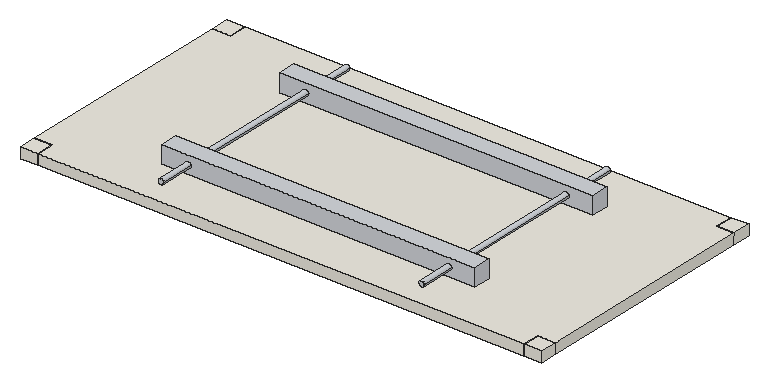
Revit family "LED-PL-CSVT", category Осветительные приборы, Revit 2019 (continued)
Types (9, lengths in mm): name | built-in parameter 1150134 | Файл фотометрической сетки | built-in parameter 1150105 | Lumens | built-in parameter 1150106 | built-in parameter 1150142 | Wattage | built-in parameter 1150107 | Emit from Rectangle Width | Emit from Rectangle Length | Длина | Ширина | L1 | L | ADSK_Ток | ADSK_Полная мощность | ADSK_Обозначение | ADSK_Номинальная мощность | ADSK_Наименование | ADSK_Масса | ADSK_Код изделия
  LED PL-CSVT-36 588х588 х10 (KROKUS) (IP54/IP20, 4000К, белый, грильято) | 12 | "Светильник LED-PL-CSVT-36-(595х595).IES" | 302.39 (stored number, unit not read) | 3800 lm | 3.0239 (stored number, unit not read) | "IESNA:LM-63-95\r\n[TEST] Протокол № 50-12 \r\n[DATA] 20.06.2016\r\n[MORE] \r\n[MANUFAC] ЗАО \"Центрстройсвет\"\r\n[LUMCAT]  Светильник ALUMOGIPS-38/OPAL-SAND-(610x610)\r\n[LUMINAIRE]\r\n[LAMPCAT] Светодиоды\r\n[LAMP] Поток источника света (светодиодов) не известен\r\n[MORE] КСС приведена в абсолютных величинах кд\r\n[MORE] Вместо потока лампы, указан поток светильника.\r\nTILT=NONE\r\n1    3750 1.0 37 73 1 2 0.61 0.61 0.04\r\n1.0 1.0 38.7\r\n0.0 5.0 10.0 15.0 20.0 25.0 30.0 35.0 40.0 45.0 50.0 55.0 60.0 65.0 70.0 75.0 80.0 85.0 90.0 95.0 100.0 105.0 110.0 115.0 120.0 125.0 130.0 135.0 140.0 145.0 150.0 155.0 160.0 165.0 170.0 175.0 180.0\r\n0.0 5.0 10.0 15.0 20.0 25.0 30.0 35.0 40.0 45.0 50.0 55.0 60.0 65.0 70.0 75.0 80.0 85.0 90.0 95.0 100.0 105.0 110.0 115.0 120.0 125.0 130.0 135.0 140.0 145.0 150.0 155.0 160.0 165.0 170.0 175.0 180.0 185.0 190.0 195.0 200.0 205.0 210.0 215.0 220.0 225.0 230.0 235.0 240.0 245.0 250.0 255.0 260.0 265.0 270.0 275.0 280.0 285.0 290.0 295.0 300.0 305.0 310.0 315.0 320.0 325.0 330.0 335.0 340.0 345.0 350.0 355.0 360.0\r\n1391.4 1390.6 1365.7 1330.6 1277.5 1214.9 1147.5 1059.6 967.6 873.2 772.4 664.9 556.3 449.1 342.7 240.6 147.1 64.2 4.7 0.0 0.0 0.0 0.0 0.0 0.0 0.0 0.0 0.0 0.0 0.0 0.0 0.0 0.0 0.0 0.0 0.0 0.0\r\n1391.4 1390.5 1367.8 1332.7 1284.3 1221.3 1147.0 1062.1 969.2 872.4 773.2 666.3 557.1 450.1 343.8 241.9 146.9 64.7 5.2 0.0 0.0 0.0 0.0 0.0 0.0 0.0 0.0 0.0 0.0 0.0 0.0 0.0 0.0 0.0 0.0 0.0 0.0\r\n1391.4 1390.2 1372.0 1333.3 1277.3 1216.8 1144.5 1057.4 969.6 875.1 773.8 669.5 560.0 454.6 345.8 242.4 148.5 65.8 5.4 0.0 0.0 0.0 0.0 0.0 0.0 0.0 0.0 0.0 0.0 0.0 0.0 0.0 0.0 0.0 0.0 0.0 0.0\r\n1391.4 1389.8 1371.2 1330.7 1279.5 1220.5 1148.3 1059.9 967.7 873.2 767.5 666.8 561.4 453.0 347.1 243.7 149.9 65.6 5.8 0.0 0.0 0.0 0.0 0.0 0.0 0.0 0.0 0.0 0.0 0.0 0.0 0.0 0.0 0.0 0.0 0.0 0.0\r\n1391.4 1389.8 1368.3 1329.3 1285.0 1214.6 1141.1 1058.7 971.8 871.3 775.2 666.9 559.4 452.6 345.8 242.5 150.0 65.8 6.1 0.0 0.0 0.0 0.0 0.0 0.0 0.0 0.0 0.0 0.0 0.0 0.0 0.0 0.0 0.0 0.0 0.0 0.0\r\n1391.4 1390.5 1367.3 1332.3 1281.7 1219.0 1142.8 1064.6 970.5 874.4 772.1 667.5 560.2 453.0 346.2 241.8 149.4 65.7 5.6 0.0 0.0 0.0 0.0 0.0 0.0 0.0 0.0 0.0 0.0 0.0 0.0 0.0 0.0 0.0 0.0 0.0 0.0\r\n1391.4 1391.4 1368.1 1333.5 1277.3 1215.7 1139.0 1059.6 968.1 872.4 771.6 667.4 558.8 453.3 344.3 243.9 148.4 65.7 5.4 0.0 0.0 0.0 0.0 0.0 0.0 0.0 0.0 0.0 0.0 0.0 0.0 0.0 0.0 0.0 0.0 0.0 0.0\r\n1391.4 1391.7 1368.1 1330.4 1278.2 1213.9 1142.4 1061.6 967.4 875.1 772.0 669.3 561.1 452.5 345.2 242.1 148.3 65.4 5.5 0.0 0.0 0.0 0.0 0.0 0.0 0.0 0.0 0.0 0.0 0.0 0.0 0.0 0.0 0.0 0.0 0.0 0.0\r\n1391.4 1391.5 1371.0 1328.4 1278.5 1216.7 1142.1 1061.2 971.8 874.7 772.1 668.9 560.8 452.9 345.4 243.3 147.7 66.0 5.4 0.0 0.0 0.0 0.0 0.0 0.0 0.0 0.0 0.0 0.0 0.0 0.0 0.0 0.0 0.0 0.0 0.0 0.0\r\n1391.4 1391.5 1373.2 1330.5 1277.3 1215.5 1143.2 1063.6 967.0 872.7 772.2 669.4 558.9 453.2 346.6 241.9 148.1 65.2 5.5 0.0 0.0 0.0 0.0 0.0 0.0 0.0 0.0 0.0 0.0 0.0 0.0 0.0 0.0 0.0 0.0 0.0 0.0\r\n1391.4 1391.4 1369.7 1328.3 1281.3 1216.0 1139.8 1057.9 968.7 875.3 773.9 667.6 561.8 454.0 344.0 243.1 147.2 65.6 5.5 0.0 0.0 0.0 0.0 0.0 0.0 0.0 0.0 0.0 0.0 0.0 0.0 0.0 0.0 0.0 0.0 0.0 0.0\r\n1391.4 1390.5 1367.9 1330.1 1278.1 1218.1 1138.9 1061.0 970.0 871.8 770.4 669.3 560.2 453.4 346.9 242.1 148.3 65.2 5.2 0.0 0.0 0.0 0.0 0.0 0.0 0.0 0.0 0.0 0.0 0.0 0.0 0.0 0.0 0.0 0.0 0.0 0.0\r\n1391.4 1389.3 1368.2 1329.1 1280.8 1214.4 1142.5 1059.2 967.2 874.3 772.4 668.0 563.1 452.3 345.7 242.8 146.8 64.9 5.1 0.0 0.0 0.0 0.0 0.0 0.0 0.0 0.0 0.0 0.0 0.0 0.0 0.0 0.0 0.0 0.0 0.0 0.0\r\n1391.4 1388.6 1367.4 1327.8 1278.0 1215.7 1141.0 1061.0 971.5 877.3 771.2 667.3 561.5 453.0 346.4 242.4 146.3 64.8 5.2 0.0 0.0 0.0 0.0 0.0 0.0 0.0 0.0 0.0 0.0 0.0 0.0 0.0 0.0 0.0 0.0 0.0 0.0\r\n1391.4 1388.0 1367.6 1326.7 1278.3 1218.0 1140.9 1061.5 968.4 873.4 770.1 666.6 562.1 454.6 344.8 241.8 146.4 64.0 5.5 0.0 0.0 0.0 0.0 0.0 0.0 0.0 0.0 0.0 0.0 0.0 0.0 0.0 0.0 0.0 0.0 0.0 0.0\r\n1391.4 1387.2 1366.1 1331.0 1281.4 1216.3 1142.7 1059.1 969.4 871.5 772.2 667.3 560.5 453.0 344.4 242.2 146.4 63.8 5.6 0.0 0.0 0.0 0.0 0.0 0.0 0.0 0.0 0.0 0.0 0.0 0.0 0.0 0.0 0.0 0.0 0.0 0.0\r\n1391.4 1387.1 1366.3 1328.7 1276.9 1214.5 1141.2 1059.3 968.4 874.3 775.5 668.3 562.5 454.9 346.4 241.3 146.2 63.5 5.7 0.0 0.0 0.0 0.0 0.0 0.0 0.0 0.0 0.0 0.0 0.0 0.0 0.0 0.0 0.0 0.0 0.0 0.0\r\n1391.4 1388.4 1366.0 1329.7 1279.2 1217.9 1140.0 1060.5 969.0 873.9 772.0 671.3 560.4 453.2 343.7 241.7 145.8 63.7 5.4 0.0 0.0 0.0 0.0 0.0 0.0 0.0 0.0 0.0 0.0 0.0 0.0 0.0 0.0 0.0 0.0 0.0 0.0\r\n1391.4 1389.6 1367.7 1329.3 1277.2 1211.1 1140.1 1061.0 971.0 871.2 769.2 669.1 561.5 453.1 343.3 241.9 145.8 63.4 5.2 0.0 0.0 0.0 0.0 0.0 0.0 0.0 0.0 0.0 0.0 0.0 0.0 0.0 0.0 0.0 0.0 0.0 0.0\r\n1391.4 1388.8 1366.9 1327.1 1279.4 1214.2 1142.5 1056.4 970.7 870.3 771.0 665.1 560.4 453.3 343.8 241.1 145.7 63.4 5.2 0.0 0.0 0.0 0.0 0.0 0.0 0.0 0.0 0.0 0.0 0.0 0.0 0.0 0.0 0.0 0.0 0.0 0.0\r\n1391.4 1387.2 1365.8 1328.9 1276.6 1210.2 1141.4 1059.3 966.6 871.4 770.5 667.4 559.2 451.4 344.2 241.0 145.6 63.2 5.1 0.0 0.0 0.0 0.0 0.0 0.0 0.0 0.0 0.0 0.0 0.0 0.0 0.0 0.0 0.0 0.0 0.0 0.0\r\n1391.4 1386.8 1364.4 1329.8 1279.4 1213.7 1144.0 1059.0 965.3 873.7 768.8 668.9 559.4 449.5 342.6 241.5 144.6 63.4 5.0 0.0 0.0 0.0 0.0 0.0 0.0 0.0 0.0 0.0 0.0 0.0 0.0 0.0 0.0 0.0 0.0 0.0 0.0\r\n1391.4 1388.1 1365.8 1328.1 1273.8 1213.4 1137.9 1059.2 967.3 869.2 769.3 667.7 558.4 451.4 344.0 240.6 145.7 63.4 4.9 0.0 0.0 0.0 0.0 0.0 0.0 0.0 0.0 0.0 0.0 0.0 0.0 0.0 0.0 0.0 0.0 0.0 0.0\r\n1391.4 1389.2 1364.4 1323.2 1276.3 1213.8 1137.6 1055.3 963.1 871.0 767.7 664.1 559.7 447.1 342.4 240.1 145.2 63.9 5.1 0.0 0.0 0.0 0.0 0.0 0.0 0.0 0.0 0.0 0.0 0.0 0.0 0.0 0.0 0.0 0.0 0.0 0.0\r\n1391.4 1388.4 1362.3 1326.8 1274.4 1212.2 1137.9 1054.7 966.7 867.9 768.7 663.4 557.3 449.2 343.3 240.0 145.7 63.6 5.0 0.0 0.0 0.0 0.0 0.0 0.0 0.0 0.0 0.0 0.0 0.0 0.0 0.0 0.0 0.0 0.0 0.0 0.0\r\n1391.4 1386.2 1361.8 1326.5 1273.3 1211.2 1134.5 1048.6 964.3 866.3 767.8 662.9 556.7 449.5 341.9 239.8 145.7 63.7 5.0 0.0 0.0 0.0 0.0 0.0 0.0 0.0 0.0 0.0 0.0 0.0 0.0 0.0 0.0 0.0 0.0 0.0 0.0\r\n1391.4 1384.4 1363.5 1324.4 1272.0 1209.5 1137.2 1053.0 960.2 867.5 767.9 662.7 556.7 449.2 342.5 239.1 146.2 63.8 4.8 0.0 0.0 0.0 0.0 0.0 0.0 0.0 0.0 0.0 0.0 0.0 0.0 0.0 0.0 0.0 0.0 0.0 0.0\r\n1391.4 1383.7 1362.4 1324.4 1274.0 1209.5 1134.4 1050.1 965.4 864.9 764.6 662.3 556.6 447.9 340.5 240.3 145.5 64.6 4.6 0.0 0.0 0.0 0.0 0.0 0.0 0.0 0.0 0.0 0.0 0.0 0.0 0.0 0.0 0.0 0.0 0.0 0.0\r\n1391.4 1384.4 1361.9 1326.9 1270.2 1207.3 1132.7 1050.1 959.7 867.7 763.1 662.2 555.0 447.3 343.0 238.3 145.8 63.9 4.7 0.0 0.0 0.0 0.0 0.0 0.0 0.0 0.0 0.0 0.0 0.0 0.0 0.0 0.0 0.0 0.0 0.0 0.0\r\n1391.4 1385.1 1363.0 1320.0 1270.4 1207.9 1134.4 1055.0 963.5 867.3 766.7 660.7 555.9 450.1 342.6 240.2 145.9 64.3 4.9 0.0 0.0 0.0 0.0 0.0 0.0 0.0 0.0 0.0 0.0 0.0 0.0 0.0 0.0 0.0 0.0 0.0 0.0\r\n1391.4 1384.9 1362.3 1321.4 1273.1 1208.0 1135.4 1052.3 961.9 865.0 764.0 660.8 553.5 447.6 341.2 240.3 146.1 63.8 4.8 0.0 0.0 0.0 0.0 0.0 0.0 0.0 0.0 0.0 0.0 0.0 0.0 0.0 0.0 0.0 0.0 0.0 0.0\r\n1391.4 1383.8 1361.2 1322.1 1265.1 1211.5 1132.8 1049.3 961.3 863.4 764.0 661.0 550.7 447.9 341.0 240.1 146.2 63.8 4.6 0.0 0.0 0.0 0.0 0.0 0.0 0.0 0.0 0.0 0.0 0.0 0.0 0.0 0.0 0.0 0.0 0.0 0.0\r\n1391.4 1382.8 1359.3 1321.5 1269.3 1206.8 1132.8 1051.1 958.3 863.2 763.1 662.7 553.4 448.0 340.4 240.0 145.8 63.8 4.0 0.0 0.0 0.0 0.0 0.0 0.0 0.0 0.0 0.0 0.0 0.0 0.0 0.0 0.0 0.0 0.0 0.0 0.0\r\n1391.4 1382.6 1359.0 1319.6 1268.1 1204.3 1129.8 1049.0 957.7 861.8 761.7 658.4 554.2 446.1 340.4 239.0 145.6 63.8 3.8 0.0 0.0 0.0 0.0 0.0 0.0 0.0 0.0 0.0 0.0 0.0 0.0 0.0 0.0 0.0 0.0 0.0 0.0\r\n1391.4 1382.8 1358.5 1315.8 1266.5 1202.1 1128.5 1049.2 957.6 860.0 762.1 658.2 549.9 443.8 339.6 238.4 145.7 63.6 3.7 0.0 0.0 0.0 0.0 0.0 0.0 0.0 0.0 0.0 0.0 0.0 0.0 0.0 0.0 0.0 0.0 0.0 0.0\r\n1391.4 1382.2 1360.5 1319.2 1265.9 1204.5 1129.9 1046.9 955.0 862.9 758.9 657.9 552.5 444.9 338.9 238.8 145.3 63.6 3.3 0.0 0.0 0.0 0.0 0.0 0.0 0.0 0.0 0.0 0.0 0.0 0.0 0.0 0.0 0.0 0.0 0.0 0.0\r\n1391.4 1381.1 1361.2 1321.0 1268.1 1203.8 1128.8 1047.4 955.6 863.7 761.1 656.4 551.5 445.2 339.2 238.5 144.7 62.5 3.5 0.0 0.0 0.0 0.0 0.0 0.0 0.0 0.0 0.0 0.0 0.0 0.0 0.0 0.0 0.0 0.0 0.0 0.0\r\n1391.4 1380.6 1359.0 1316.4 1268.5 1204.0 1126.1 1049.5 956.2 859.6 759.7 656.5 549.2 444.3 338.4 236.1 143.8 61.6 3.2 0.0 0.0 0.0 0.0 0.0 0.0 0.0 0.0 0.0 0.0 0.0 0.0 0.0 0.0 0.0 0.0 0.0 0.0\r\n1391.4 1380.7 1356.6 1316.0 1267.0 1205.6 1130.3 1044.8 956.9 856.7 759.3 653.5 548.1 441.9 335.3 235.4 141.4 60.3 2.9 0.0 0.0 0.0 0.0 0.0 0.0 0.0 0.0 0.0 0.0 0.0 0.0 0.0 0.0 0.0 0.0 0.0 0.0\r\n1391.4 1380.4 1354.4 1317.9 1268.8 1199.0 1129.0 1044.0 956.9 860.6 758.3 656.9 549.1 442.0 334.4 236.1 141.7 60.5 2.6 0.0 0.0 0.0 0.0 0.0 0.0 0.0 0.0 0.0 0.0 0.0 0.0 0.0 0.0 0.0 0.0 0.0 0.0\r\n1391.4 1380.1 1356.7 1322.1 1264.6 1201.7 1129.9 1047.4 957.2 859.7 758.2 656.1 549.4 442.8 335.3 235.8 141.3 60.6 2.3 0.0 0.0 0.0 0.0 0.0 0.0 0.0 0.0 0.0 0.0 0.0 0.0 0.0 0.0 0.0 0.0 0.0 0.0\r\n1391.4 1379.9 1357.3 1317.5 1265.9 1207.8 1129.2 1046.5 955.7 860.2 758.6 656.9 550.7 441.9 335.4 233.9 140.6 60.2 2.4 0.0 0.0 0.0 0.0 0.0 0.0 0.0 0.0 0.0 0.0 0.0 0.0 0.0 0.0 0.0 0.0 0.0 0.0\r\n1391.4 1379.2 1355.5 1314.6 1269.3 1203.7 1133.5 1044.8 957.2 857.9 762.0 656.6 548.7 440.4 335.9 234.5 140.4 59.8 2.8 0.0 0.0 0.0 0.0 0.0 0.0 0.0 0.0 0.0 0.0 0.0 0.0 0.0 0.0 0.0 0.0 0.0 0.0\r\n1391.4 1377.9 1357.1 1319.2 1271.9 1204.4 1128.6 1050.2 953.1 856.9 757.6 653.7 548.9 439.9 335.4 232.4 140.5 59.2 3.0 0.0 0.0 0.0 0.0 0.0 0.0 0.0 0.0 0.0 0.0 0.0 0.0 0.0 0.0 0.0 0.0 0.0 0.0\r\n1391.4 1377.2 1356.3 1322.9 1266.0 1204.8 1132.2 1049.0 958.1 859.3 759.0 654.6 547.0 441.6 334.9 232.1 139.3 58.8 2.9 0.0 0.0 0.0 0.0 0.0 0.0 0.0 0.0 0.0 0.0 0.0 0.0 0.0 0.0 0.0 0.0 0.0 0.0\r\n1391.4 1377.8 1353.8 1319.7 1269.6 1207.9 1135.8 1049.5 955.8 858.0 762.4 655.9 548.2 441.6 335.6 231.7 139.4 58.8 2.8 0.0 0.0 0.0 0.0 0.0 0.0 0.0 0.0 0.0 0.0 0.0 0.0 0.0 0.0 0.0 0.0 0.0 0.0\r\n1391.4 1378.5 1355.2 1319.8 1267.3 1206.5 1131.2 1046.1 954.6 861.2 756.6 653.8 548.1 440.3 335.0 232.6 138.6 59.0 2.9 0.0 0.0 0.0 0.0 0.0 0.0 0.0 0.0 0.0 0.0 0.0 0.0 0.0 0.0 0.0 0.0 0.0 0.0\r\n1391.4 1378.6 1355.1 1318.3 1269.7 1200.8 1133.1 1049.0 957.6 862.5 762.4 656.9 549.3 443.5 334.7 231.2 138.8 58.1 3.0 0.0 0.0 0.0 0.0 0.0 0.0 0.0 0.0 0.0 0.0 0.0 0.0 0.0 0.0 0.0 0.0 0.0 0.0\r\n1391.4 1378.8 1355.8 1321.7 1268.8 1210.0 1129.0 1048.5 958.8 862.4 762.2 656.4 549.0 441.1 335.4 231.5 138.5 58.1 3.0 0.0 0.0 0.0 0.0 0.0 0.0 0.0 0.0 0.0 0.0 0.0 0.0 0.0 0.0 0.0 0.0 0.0 0.0\r\n1391.4 1379.6 1357.6 1321.7 1269.0 1207.1 1133.9 1047.0 964.1 863.3 761.9 656.4 551.5 440.7 334.9 232.2 137.6 58.1 2.8 0.0 0.0 0.0 0.0 0.0 0.0 0.0 0.0 0.0 0.0 0.0 0.0 0.0 0.0 0.0 0.0 0.0 0.0\r\n1391.4 1380.6 1357.7 1319.2 1272.0 1207.5 1131.3 1054.6 959.0 863.3 764.8 655.9 549.1 443.0 335.1 231.3 138.0 58.1 2.7 0.0 0.0 0.0 0.0 0.0 0.0 0.0 0.0 0.0 0.0 0.0 0.0 0.0 0.0 0.0 0.0 0.0 0.0\r\n1391.4 1381.5 1358.5 1321.9 1271.0 1204.1 1135.9 1055.8 962.5 865.5 761.1 656.9 550.6 442.0 335.3 231.9 137.4 57.9 2.6 0.0 0.0 0.0 0.0 0.0 0.0 0.0 0.0 0.0 0.0 0.0 0.0 0.0 0.0 0.0 0.0 0.0 0.0\r\n1391.4 1381.3 1358.5 1322.3 1270.8 1207.2 1133.7 1051.9 958.0 867.3 767.5 657.0 552.1 442.3 333.6 231.2 137.9 57.8 2.6 0.0 0.0 0.0 0.0 0.0 0.0 0.0 0.0 0.0 0.0 0.0 0.0 0.0 0.0 0.0 0.0 0.0 0.0\r\n1391.4 1380.6 1359.4 1319.7 1270.6 1209.0 1133.0 1052.1 963.9 867.5 764.1 660.0 554.0 443.3 334.8 231.7 137.6 57.8 2.7 0.0 0.0 0.0 0.0 0.0 0.0 0.0 0.0 0.0 0.0 0.0 0.0 0.0 0.0 0.0 0.0 0.0 0.0\r\n1391.4 1381.3 1359.9 1321.3 1270.6 1204.8 1135.0 1051.3 962.1 865.5 761.7 660.3 553.1 443.5 334.1 231.9 137.9 57.8 2.8 0.0 0.0 0.0 0.0 0.0 0.0 0.0 0.0 0.0 0.0 0.0 0.0 0.0 0.0 0.0 0.0 0.0 0.0\r\n1391.4 1383.1 1362.1 1324.8 1273.8 1208.7 1134.8 1055.9 961.8 866.4 762.3 659.7 552.4 443.7 334.4 232.8 138.0 58.0 2.8 0.0 0.0 0.0 0.0 0.0 0.0 0.0 0.0 0.0 0.0 0.0 0.0 0.0 0.0 0.0 0.0 0.0 0.0\r\n1391.4 1384.6 1360.4 1321.7 1272.0 1210.6 1130.9 1052.5 963.1 866.7 767.4 659.3 553.7 444.6 335.4 233.1 138.3 58.0 2.8 0.0 0.0 0.0 0.0 0.0 0.0 0.0 0.0 0.0 0.0 0.0 0.0 0.0 0.0 0.0 0.0 0.0 0.0\r\n1391.4 1385.6 1357.5 1324.7 1273.9 1211.6 1134.3 1052.7 963.6 865.4 763.1 658.7 552.2 444.9 336.9 232.8 138.8 58.6 2.9 0.0 0.0 0.0 0.0 0.0 0.0 0.0 0.0 0.0 0.0 0.0 0.0 0.0 0.0 0.0 0.0 0.0 0.0\r\n1391.4 1386.4 1357.8 1323.4 1273.2 1212.2 1136.3 1054.7 967.5 867.5 764.0 659.4 553.3 443.7 336.8 233.2 138.9 58.5 3.1 0.0 0.0 0.0 0.0 0.0 0.0 0.0 0.0 0.0 0.0 0.0 0.0 0.0 0.0 0.0 0.0 0.0 0.0\r\n1391.4 1386.6 1362.0 1324.9 1273.2 1211.3 1139.0 1049.9 960.3 866.4 768.0 661.3 552.2 443.4 336.3 233.4 139.8 58.9 3.1 0.0 0.0 0.0 0.0 0.0 0.0 0.0 0.0 0.0 0.0 0.0 0.0 0.0 0.0 0.0 0.0 0.0 0.0\r\n1391.4 1386.0 1360.5 1326.0 1271.8 1212.0 1137.2 1059.3 963.5 867.6 766.9 661.2 552.3 445.8 337.8 233.6 141.0 59.2 3.3 0.0 0.0 0.0 0.0 0.0 0.0 0.0 0.0 0.0 0.0 0.0 0.0 0.0 0.0 0.0 0.0 0.0 0.0\r\n1391.4 1385.0 1362.3 1325.1 1272.0 1207.1 1138.5 1053.6 964.5 865.8 766.5 661.6 554.3 445.9 337.0 234.5 140.4 60.2 3.5 0.0 0.0 0.0 0.0 0.0 0.0 0.0 0.0 0.0 0.0 0.0 0.0 0.0 0.0 0.0 0.0 0.0 0.0\r\n1391.4 1384.4 1361.8 1323.6 1274.0 1214.8 1138.9 1053.9 968.0 867.9 769.0 663.8 555.6 446.7 339.6 235.0 141.3 60.4 3.4 0.0 0.0 0.0 0.0 0.0 0.0 0.0 0.0 0.0 0.0 0.0 0.0 0.0 0.0 0.0 0.0 0.0 0.0\r\n1391.4 1385.0 1360.9 1322.2 1272.4 1209.8 1137.2 1055.7 962.7 869.7 769.6 658.2 556.6 447.4 338.5 236.2 142.5 60.7 3.4 0.0 0.0 0.0 0.0 0.0 0.0 0.0 0.0 0.0 0.0 0.0 0.0 0.0 0.0 0.0 0.0 0.0 0.0\r\n1391.4 1386.6 1363.1 1323.6 1272.5 1211.5 1139.2 1058.4 969.9 868.0 768.8 664.6 556.3 445.8 342.1 236.1 142.3 61.2 3.5 0.0 0.0 0.0 0.0 0.0 0.0 0.0 0.0 0.0 0.0 0.0 0.0 0.0 0.0 0.0 0.0 0.0 0.0\r\n1391.4 1388.6 1360.9 1330.2 1273.7 1213.2 1138.7 1058.3 966.2 867.0 766.8 663.4 553.3 447.1 339.2 238.7 143.0 61.4 3.8 0.0 0.0 0.0 0.0 0.0 0.0 0.0 0.0 0.0 0.0 0.0 0.0 0.0 0.0 0.0 0.0 0.0 0.0\r\n1391.4 1389.8 1360.8 1328.4 1276.8 1216.0 1140.1 1055.8 963.1 870.3 768.4 663.1 554.0 449.1 340.1 237.3 144.8 61.7 3.8 0.0 0.0 0.0 0.0 0.0 0.0 0.0 0.0 0.0 0.0 0.0 0.0 0.0 0.0 0.0 0.0 0.0 0.0\r\n1391.4 1389.3 1362.5 1325.9 1278.0 1210.4 1138.2 1054.7 967.8 872.7 770.2 661.9 556.5 446.9 341.3 237.7 144.4 62.5 3.9 0.0 0.0 0.0 0.0 0.0 0.0 0.0 0.0 0.0 0.0 0.0 0.0 0.0 0.0 0.0 0.0 0.0 0.0\r\n1391.4 1387.8 1365.8 1326.6 1274.3 1213.2 1141.4 1053.1 966.2 871.2 768.4 663.7 555.0 447.1 341.3 238.2 144.3 62.7 4.1 0.0 0.0 0.0 0.0 0.0 0.0 0.0 0.0 0.0 0.0 0.0 0.0 0.0 0.0 0.0 0.0 0.0 0.0\r\n1391.4 1387.2 1364.2 1328.3 1274.8 1209.4 1145.0 1060.0 963.9 867.5 766.5 663.4 556.7 448.2 340.9 240.3 144.7 63.3 4.0 0.0 0.0 0.0 0.0 0.0 0.0 0.0 0.0 0.0 0.0 0.0 0.0 0.0 0.0 0.0 0.0 0.0 0.0\r\n1391.4 1388.4 1364.9 1332.6 1279.0 1215.6 1140.9 1056.3 969.3 867.1 770.0 663.8 559.0 449.0 342.4 240.3 145.7 63.3 4.7 0.0 0.0 0.0 0.0 0.0 0.0 0.0 0.0 0.0 0.0 0.0 0.0 0.0 0.0 0.0 0.0 0.0 0.0\r\n1391.4 1390.0 1364.5 1329.3 1281.4 1217.7 1141.3 1063.3 970.3 871.1 768.8 663.5 555.2 449.3 342.4 239.8 146.6 63.3 4.9 0.0 0.0 0.0 0.0 0.0 0.0 0.0 0.0 0.0 0.0 0.0 0.0 0.0 0.0 0.0 0.0 0.0 0.0\r\n1391.4 1390.6 1365.7 1330.6 1277.5 1214.9 1147.5 1059.6 967.6 873.2 772.4 664.9 556.3 449.1 342.7 240.6 147.1 64.2 4.7 0.0 0.0 0.0 0.0 0.0 0.0 0.0 0.0 0.0 0.0 0.0 0.0 0.0 0.0 0.0 0.0 0.0 0.0\r\n" | 25.582 W | 4000 (stored number, unit not read) | 548 | 548 | 588 | 588 | 294 | 294 | 0.179584 A | 41.3043 VA | "LED PL-CSVT-36 588х588 х10 (KROKUS) (IP54/IP20, 4000К, белый, грильято)" | 38 W | "Ультратонкая светодиодная панель LED PL-CSVT-36 588х588 х10 
    (KROKUS) (IP54/IP20, 4000К, белый, грильято)" | 3.4 | "ЦБ000010147"
